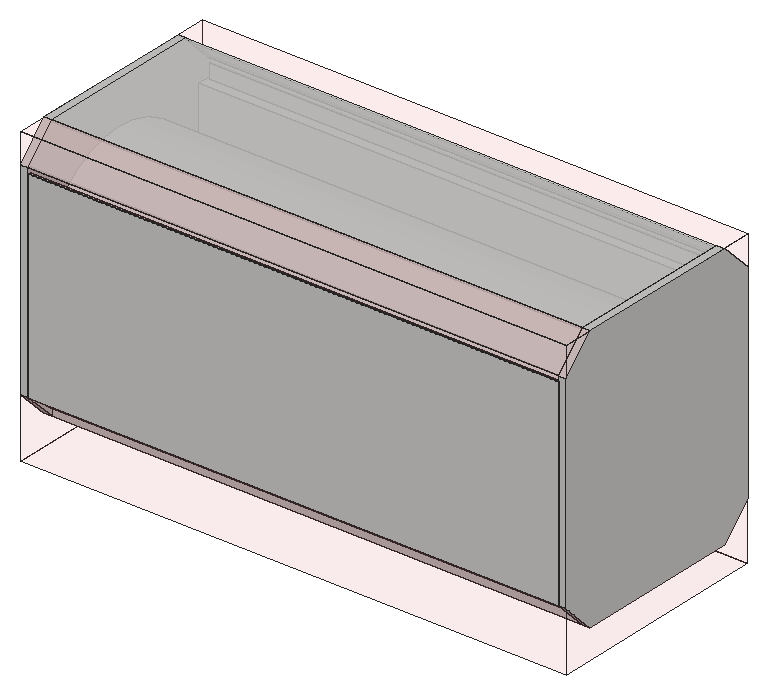
Revit family "Air-Curtain_Customer-Entry_PoweredAire_CED", category Mechanical Equipment, host Face, Revit 2022
Family settings
  Host = Face
  Round Connector Dimension = Use Diameter
  Part Type = Normal
  OmniClass Number = 23.75.35.17.21
  OmniClass Title = Air Curtains
  Cut with Voids When Loaded = No
  Maintain Annotation Orientation = No
  Shared = No
  Room Calculation Point = No
Parameters
  Warranty Duration (Years) = 0
  Unit Width Notes = "Other Widths available."  # constant formula
  Unit Width = 3' - 0"
  Unit Weight = 0
  Unit Height = 1' - 3"
  Unit Depth = 1' - 5 1/2"
  URL = "http://www.poweredaire.com/"
  Test Data = ""
  Temperature Rise_Range = "as Specified"
  Standards Conformance = "as Specified"
  Specification = "http://www.arcat.com/sdspecs/htm04/23_34_33pai.htm"
  SpecWizard = ""
  Sound Pressure = "as Specified"
  Sales Information = "http://www.poweredaire.com/contact_us"
  Revision = "R1_2016-08"
  Projection from Host [instance] = 0' - 2"
  Product Properties = ""
  Product Data = "http://www.arcat.com/arcatcos/cos47/arc47623.html"
  Power Rating = 0 W
  Outlet Volume_Range = "as Specified"
  Outlet Velocity_Range = "as Specified"
  Nozzle Width = if(1 = 1, Unit Width - 0' 1", 0' 0")  # 2' - 11"
  Mounting Width = if(1 = 1, Unit Width - 0' 0 15/16", 0' 0")  # 2' - 11 1/16"
  Mounting Height [instance] = 3' - 6"
  Motor RPM = 0
  Motor HP = 0
  Motor Count = 0
  Model = "As Specified"
  Max Height = 0' - 0"
  Manufacturer Website = "http://www.poweredaire.com/"
  Manufacturer Phone - Toll Free = "888-321-2473"
  Manufacturer Phone = "724-588-3305"
  Manufacturer Fax = "724-588-3371"
  Manufacturer Address = "109 Mortensen Rd.  Greenville, PA 16125"
  Manufacturer = "Powered Aire, Inc"
  Maintenance Schedule (Months) = 0
  Keynote = "23 34 33"
  Installation-Fabrication = ""
  Installation Phase = ""
  Include Clearance [instance] = yes
  Heating Element Load = 0 W
  HVAC_Temperature Rise [instance] = 0 °F
  HVAC_Outlet Volume [instance] = 0 CFM
  HVAC_Outlet Velocity Uniformity = 0
  HVAC_Outlet Velocity [instance] = 0 FPM
  Green Building-LEED = "http://www.arcat.com/green/clients/leed_data_47623.html"
  Front Grating Material [instance] = Metal - Steel - PoweredAire - Stainless 304 Perforated
  Frame Finish [instance] = Metal - Steel - PoweredAire - Stainless 304
  Expected Lifespan (Years) = 0
  Electrical_Wattage [instance] = Power Rating + Heating Element Load  # 0 W
  Electrical_Voltage [instance] = 0 V
  Electrical_Phase [instance] = 1
  Electrical_Frequency [instance] = 0 Hz
  Electrical_Amperage [instance] = 0 A
  Drawn By = "Sumex Design, Inc. / Robert S. Weygant, CSI, CDT, SCIP"
  Description = "Powered Aire Air Curtain as Specified"
  Default Elevation = 0' - 0"  # constant formula
  Copyright = "©Arcat Inc."
  Construction Details = "http://www.arcat.com/details/powair/prod3336.html"
  Clearance_Top [instance] = 0' - 0"
  Clearance_Side B [instance] = 0' - 0"
  Clearance_Side A [instance] = 0' - 0"
  Clearance_Intake [instance] = 0' - 0"
  Clearance_Bottom [instance] = 0' - 0"
  Clearance Material [instance] = ARCAT Clearance
  Building Codes = ""
  Available Options [instance] = "as Specified"
  Assembly Code = "D3090400"
Reference planes (in)
  plane 1 "Center (Elevation)": y = 0.13818
  plane 2: z = 0
  plane 3 "Center (Left/Right)": x = 0
  plane 4: y = 7.63818
  plane 5: y = -7.36182
  plane 6: x = -18
  plane 7: x = 18
  plane 8: z = 19.5
  plane 9 "FF": y = -41.86182
  plane 10: z = 2
  plane 11: x = 17.5
  plane 12: x = -17.5
  plane 13: y = 7.63818
  plane 14: y = -7.36182
  plane 15: x = -18
  plane 16: x = 18
  plane 17: z = 19.5
Forms (in)
  Extrusion 1, solid, material "Metal - Steel - PoweredAire - Stainless 304" <- "Frame Finish"
    sketch origin (0, 0, 0) x (0, 1, 0) y (0, 0, 1)
      loop
        line (5.69363, 2) -> (7.63818, 3.94454) -> (7.63818, 17.55546) -> (5.69363, 19.5) -> (-5.41728, 19.5) -> (-7.36182, 17.55546) -> (-7.36182, 3.94454) -> (-5.41728, 2) -> (5.69363, 2)
    from 17.5 to 18
  Extrusion 2, solid, material "Metal - Steel - PoweredAire - Stainless 304" <- "Frame Finish"
    sketch origin (0, 0, -0.5) x (0, 1, 0) y (0, 0, 1)
      loop
        circle (0.13818, 10.9739) r 6.25
      loop
        line (6.63818, 16.89427) -> (6.63818, 5.87829) -> (7.33849, 5.87829) -> (7.33849, 16.89427) -> (6.63818, 16.89427)
      loop
        line (-7.02798, 16.76927) -> (-7.02798, 5.75329) -> (-6.36182, 5.75329) -> (-6.36182, 16.76927) -> (-7.02798, 16.76927)
    from -17.5 to 17.5
  Extrusion 3, solid, material "Metal - Steel - PoweredAire - Stainless 304" <- "Frame Finish"
    sketch origin (0, 0, 0) x (0, 1, 0) y (0, 0, -1)
      loop
        line (5.69363, -2) -> (-5.41728, -2) -> (-7.36182, -3.94454) -> (-7.36182, -17.55546) -> (-5.41728, -19.5) -> (5.69363, -19.5) -> (7.63818, -17.55546) -> (7.63818, -3.94454) -> (5.69363, -2)
    from 17.5 to 18
  Extrusion 4, solid, material "Metal - Steel - PoweredAire - Stainless 304" <- "Frame Finish"
    sketch origin (0, 0, 0) x (0, 1, 0) y (0, 0, 1)
      loop
        line (-5.41728, 2) -> (5.69363, 2) -> (7.63818, 3.94454) -> (7.63818, 17.19454) -> (7.51318, 17.19454) -> (7.51318, 3.99632) -> (5.64186, 2.125) -> (-5.29228, 2.125) -> (-5.29228, 4.06954) -> (-7.23682, 4.06954) -> (-7.23682, 17.19454) -> (-7.36182, 17.19454) -> (-7.36182, 3.94454) -> (-5.41728, 3.94454) -> (-5.41728, 2)
      loop
        line (-6.64819, 3.61034) -> (-5.8702, 2.83235) -> (-5.74472, 2.95783) -> (-6.52271, 3.73583) -> (-6.64819, 3.61034)
    from -17.5 to 17.5
  Extrusion 5, solid, material "Metal - Steel - PoweredAire - Stainless 304 Perforated" <- "Front Grating Material"
    sketch origin (0, 0, 0) x (0, 1, 0) y (0, 0, 1)
      loop
        line (-7.36182, 17.19454) -> (-7.23682, 17.19454) -> (-7.23682, 17.50368) -> (-5.3655, 19.375) -> (5.64186, 19.375) -> (7.51318, 17.50368) -> (7.51318, 17.19454) -> (7.63818, 17.19454) -> (7.63818, 17.55546) -> (5.69363, 19.5) -> (-5.41728, 19.5) -> (-7.36182, 17.55546) -> (-7.36182, 17.19454)
    from -17.5 to 17.5
  Extrusion 6, solid, material "ARCAT Clearance" <- "Clearance Material", visible <- "Include Clearance"
    sketch origin (0, 0, 0) x (0, 1, 0) y (0, 0, 1)
      loop
        line (-7.36182, 19.5) -> (-7.36182, 0) -> (7.63818, 0) -> (7.63818, 19.5) -> (-7.36182, 19.5)
    from -18 to 18
Dimensions and locks (in)
  equal spacing: plane 4, plane 1 "Center (Elevation)", plane 5
  "Unit Height": plane 4 to plane 5
  equal spacing: plane 6, plane 3 "Center (Left/Right)", plane 7
  "Unit Width": plane 6 to plane 7
  "Mounting Height": plane 1 "Center (Elevation)" to plane 9 "FF"
  "Projection from Host": plane 10 to level
  "Unit Depth": plane 8 to plane 10
  locked: plane 6 to plane 12 at 0.5
  locked: plane 11 to plane 7 at 0.5
  "Clearance_Side A": plane 7 to plane 16
  "Clearance_Side B": plane 15 to plane 6
  "Clearance_Top": plane 13 to plane 4
  "Clearance_Bottom": plane 5 to plane 14
  "Clearance_Intake": plane 17 to plane 8
  aligned and locked: plane 2 to host face
  aligned and locked: level to host face
  aligned and locked: plane 7 to Extrusion 1
  aligned and locked: Extrusion 1 to plane 11
  aligned and locked: plane 12 to Extrusion 3
  aligned and locked: Extrusion 3 to plane 6
  aligned and locked: Extrusion 2 to plane 12
  aligned and locked: plane 11 to Extrusion 2
  aligned and locked: plane 11 to Extrusion 4
  aligned and locked: Extrusion 4 to plane 12
  aligned and locked: plane 11 to Extrusion 5
  aligned and locked: Extrusion 5 to plane 12
  aligned and locked: Extrusion 6 sketch curve to plane 17
  aligned and locked: plane 14 to Extrusion 6 sketch curve
  aligned and locked: level to Extrusion 6 sketch curve
  aligned and locked: Extrusion 6 sketch curve to plane 13
  aligned and locked: plane 16 to Extrusion 6
  aligned and locked: Extrusion 6 to plane 15
Automatic sketch dimensions
  host sketch curve to host sketch curve = 8' - 0"  (x2)
  Extrusion 1 sketch curve to plane 5 = 0' - 0"
  Extrusion 1 sketch curve to plane 8 = 0' - 0"
  Extrusion 1 sketch curve to plane 10 = 0' - 0"
  Extrusion 1 sketch curve to plane 4 = 0' - 0"
  plane 5 to Extrusion 1 sketch curve = 0' - 1.94454"  (x2)
  Extrusion 1 sketch curve to plane 4 = 0' - 1.94454"  (x2)
  plane 10 to Extrusion 1 sketch curve = 0' - 1.94454"  (x2)
  Extrusion 1 sketch curve to plane 8 = 0' - 1.94454"  (x2)
  Extrusion 2 sketch curve to plane 1 "Center (Elevation)" = 0' - 0"
  plane 5 to Extrusion 2 sketch curve = 0' - 1"
  plane 5 to Extrusion 2 sketch curve = 0' - 0.33384"
  Extrusion 2 sketch curve to plane 4 = 0' - 1"
  Extrusion 2 sketch curve to plane 4 = 0' - 0.29969"
  plane 10 to Extrusion 2 sketch curve = 0' - 3.37829"
  plane 10 to Extrusion 2 sketch curve = 0' - 3.25329"
  Extrusion 2 sketch curve to plane 8 = 0' - 9.0261"
  Extrusion 2 sketch curve to plane 8 = 0' - 3.23073"
  Extrusion 2 sketch curve to plane 8 = 0' - 3.10573"
  Extrusion 3 sketch curve to plane 5 = 0' - 0"
  Extrusion 3 sketch curve to plane 8 = 0' - 0"
  Extrusion 3 sketch curve to plane 10 = 0' - 0"
  Extrusion 3 sketch curve to plane 4 = 0' - 0"
  plane 5 to Extrusion 3 sketch curve = 0' - 1.94454"  (x2)
  Extrusion 3 sketch curve to plane 4 = 0' - 1.94454"  (x2)
  Extrusion 3 sketch curve to plane 8 = 0' - 1.94454"  (x2)
  plane 10 to Extrusion 3 sketch curve = 0' - 1.94454"  (x2)
  Extrusion 4 sketch curve to plane 5 = 0' - 0"
  Extrusion 4 sketch curve to plane 10 = 0' - 0"
  Extrusion 4 sketch curve to plane 4 = 0' - 0"
  plane 5 to Extrusion 4 sketch curve = 0' - 0 1/8"
  plane 5 to Extrusion 4 sketch curve = 0' - 0.71363"
  Extrusion 4 sketch curve to Extrusion 4 sketch curve = 0' - 0.12548"  (x2)
  Extrusion 4 sketch curve to Extrusion 4 sketch curve = 0' - 0.778"
  Extrusion 4 sketch curve to Extrusion 4 sketch curve = 0' - 0.32744"
  Extrusion 4 sketch curve to Extrusion 4 sketch curve = 0' - 0 1/8"  (x2)
  plane 10 to Extrusion 4 sketch curve = 0' - 0 1/8"
  Extrusion 4 sketch curve to plane 4 = 0' - 1.99632"
  Extrusion 4 sketch curve to Extrusion 4 sketch curve = 0' - 0.05178"  (x2)
  plane 10 to Extrusion 4 sketch curve = 0' - 0.83235"
  plane 10 to Extrusion 4 sketch curve = 0' - 1.94454"
  Extrusion 4 sketch curve to Extrusion 4 sketch curve = 0' - 0.3342"
  Extrusion 4 sketch curve to plane 4 = 0' - 0 1/8"
  Extrusion 4 sketch curve to plane 8 = 0' - 2.30546"  (x2)
  Extrusion 5 sketch curve to plane 5 = 0' - 0"
  Extrusion 5 sketch curve to plane 8 = 0' - 0"
  Extrusion 5 sketch curve to plane 4 = 0' - 0"
  plane 5 to Extrusion 5 sketch curve = 0' - 0 1/8"
  plane 5 to Extrusion 5 sketch curve = 0' - 1.94454"
  Extrusion 5 sketch curve to plane 8 = 0' - 0 1/8"
  Extrusion 5 sketch curve to Extrusion 5 sketch curve = 0' - 0.05178"  (x4)
  Extrusion 5 sketch curve to plane 4 = 0' - 1.99632"
  Extrusion 5 sketch curve to plane 8 = 0' - 1.94454"  (x2)
  Extrusion 5 sketch curve to Extrusion 5 sketch curve = 0' - 0 1/8"
  Extrusion 5 sketch curve to Extrusion 5 sketch curve = 0' - 0.30914"  (x2)
  radius of Extrusion 2 sketch curve = 0' - 6 1/4"
Connectors (in)
  electrical at (0, 7.63818, 10.56954), driven by "Electrical_Phase", driven by "Electrical_Voltage"
    settings: on Extrusion 4, index 1, voltage 0 V, apparent load 0 VA, apparent load phase1 0 VA, apparent load phase2 0 VA, apparent load phase3 0 VA, power factor 1, load classification "Motor", number of poles 1, system type 31, power factor state 1, is connector primary yes, connector utility no, sub classification motor no, connector description ""
